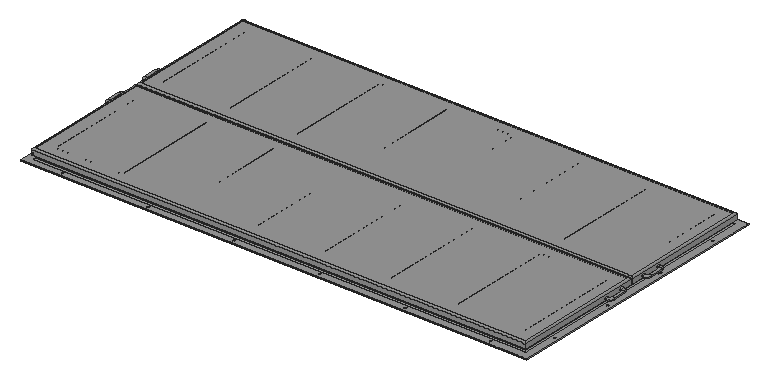
Revit family "gorter_OPD", category Generic Models, host Floor, Revit 2019
Family settings
  Host = Floor
  Can host rebar = No
  Round Connector Dimension = Use Diameter
  Part Type = Normal
  Always vertical = Yes
  Cut with Voids When Loaded = No
  Shared = Yes
  Room Calculation Point = No
Parameters (values of type "OPD-1640-3110")
  vloerluik = geanodiseerd aluminium
  hoogte onder level = 0 mm
  hoogte boven level = 0 mm
  URL = "https://www.gortergroup.com/nl/producten/vloerluiken.html"
  Model = "OPD"
  C = 400 mm
  Bevestiging = "Frame gelaste ankers"
  Belastbaarheid = ""
  B = 1640 mm  # constant formula
  A = 3110 mm  # constant formula
Reference planes
  plane 1 "Center (Front/Back)": y = 0
  plane 2: z = 0
  plane 3 "Center (Left/Right)": x = 0
  plane 4: y = 820
  plane 5: y = -820
  plane 6: x = -1555
  plane 7: x = 1555
  plane 8: z = -400
  plane 9: x = -1615
  plane 10: y = 880
  plane 11: x = 1615
  plane 12: y = -880
  plane 13: x = 1542.5
  plane 14: z = -75
  plane 15: x = 1503
  plane 16: x = -1503
  plane 17: x = 1415
  plane 18: x = -1415
  plane 19: y = -756.5
  plane 20: y = 756.5
  plane 21: x = -1575
  plane 22: x = 1575
  plane 23: y = 840
  plane 24: y = -840
  plane 25: z = 64
  plane 26: z = 45.642
  plane 27: y = -91
  plane 28: y = 91
  plane 29: x = -1064.286
  plane 30: x = -638.571
  plane 31: x = -212.857
  plane 32: x = 212.857
  plane 33: x = 638.571
  plane 34: x = 1064.286
  plane 35: x = -1064.286
  plane 36: x = -638.571
  plane 37: x = -212.857
  plane 38: x = 212.857
  plane 39: x = 638.571
  plane 40: x = 1064.286
  plane 41: y = 7.5
  plane 42: y = -7.5
  plane 43: y = -756.5
  plane 44: y = 768
  plane 45: y = -768
  plane 46: x = -1490
  plane 47: x = -1490
  plane 48: x = 1490
  plane 49: x = 1490
  plane 50: x = 1487.5
  plane 51: x = -1487.5
  plane 52: x = -1490
  plane 53: x = 1490
  plane 54: x = -1492.5
  plane 55: x = 1492.5
  plane 56 "ok. vloerluik": z = 0
  plane 57 "bk. vloerluik": z = 69
  plane 58: y = 630
  plane 59: y = -630
  plane 60: x = -1590
  plane 61: z = 5
  plane 62: y = 630
  plane 63: y = 210
  plane 64: y = -210
  plane 65: y = -630
  plane 66: x = 1590
  plane 67: y = 630
  plane 68: y = 210
  plane 69: y = -210
  plane 70: y = -630
  plane 71: y = -855
  plane 72: x = -1365
  plane 73: x = -273
  plane 74: x = 819
  plane 75: x = 1365
  plane 76: x = 1365
  plane 77: x = -1365
  plane 78: x = -819
  plane 79: x = 273
  plane 80: y = 855
  plane 81: x = -1365
  plane 82: x = -273
  plane 83: x = 819
  plane 84: x = 1365
  plane 85: x = -819
  plane 86: x = 273
  plane 87 "hart handgreep": z = 44
  plane 88 "Center L/V": z = 0
Forms (mm)
  Extrusion 1, void
    sketch origin (0, 0, 0) x (1, 0, 0) y (0, 1, 0)
      loop
        line (-1555, 820) -> (-1555, -820) -> (1555, -820) -> (1555, 820) -> (-1555, 820)
    from -400 to 0
  Sweep 2, solid, material "geanodiseerd aluminium" <- "vloerluik"
    path origin (0, 0, 0) x (0, -1, 0) y (1, 0, 0)
      loop
        line (-820, -1555) -> (820, -1555) -> (820, 1555) -> (-820, 1555) -> (-820, -1555)
    profile "randprofiel : randprofiel" origin (-1555, 0, 0) x (-1, 0, 0) y (0, 0, 1)
      loop
        line (60, 5) -> (12, 5)
        arc (12, 5) -> (7.05, 7.05) -> (5, 12) r 7
        line (5, 12) -> (5, 60) -> (0, 60) -> (0, 12)
        arc (0, 12) -> (3.515, 3.515) -> (12, 0) r 12
        line (12, 0) -> (60, 0) -> (60, 5)
  Sweep 3, void
    path origin (0, 0, 0) x (1, 0, 0) y (0, 1, 0)
      loop
        line (-1555, 820) -> (-1555, -820) -> (1555, -820) -> (1555, 820) -> (-1555, 820)
    profile origin (-1555, 0, 0) x (-1, 0, 0) y (0, 0, 1)
      loop
        line (0, 69) -> (0, 0) -> (60, 0) -> (60, 69) -> (0, 69)
  Sweep 4, solid, material "geanodiseerd aluminium" <- "vloerluik"
    path origin (0, 0, 0) x (0, -1, 0) y (1, 0, 0)
      loop
        line (-756.5, -1491.5) -> (-91, -1491.5) -> (-91, 1491.5) -> (-756.5, 1491.5) -> (-756.5, -1491.5)
    profile "binnenprofiel : binnenprofiel" origin (-1491.5, 423.75, 0) x (-1, 0, 0) y (0, 0, 1)
      loop
        line (0, 64) -> (73.5, 64)
        arc (73.5, 64) -> (77.036, 62.536) -> (78.5, 59) r 5
        line (78.5, 59) -> (78.5, 29) -> (83.5, 29) -> (83.5, 59)
        arc (83.5, 59) -> (80.571, 66.071) -> (73.5, 69) r 10
        line (73.5, 69) -> (0, 69) -> (0, 64)
  Extrusion 5, solid, material "geanodiseerd aluminium" <- "vloerluik"
    sketch origin (-2542.234, 820, 4100) x (-1, 0, 0) y (0, 0, 1)
      loop
        line (-1039.234, -4036) -> (-1039.234, -4031) -> (-4045.234, -4031) -> (-4045.234, -4036) -> (-1039.234, -4036)
    from -52 to -729
  Sweep 6, solid, material "geanodiseerd aluminium" <- "vloerluik"
    path origin (0, 0, 0) x (0, -1, 0) y (1, 0, 0)
      loop
        line (756.5, -1491.5) -> (756.5, 1491.5) -> (91, 1491.5) -> (91, -1491.5) -> (756.5, -1491.5)
    profile "binnenprofiel : binnenprofiel" origin (-1491.5, -423.75, 0) x (1, 0, 0) y (0, 0, 1)
      loop
        line (0, 64) -> (0, 69) -> (-73.5, 69)
        arc (-73.5, 69) -> (-80.571, 66.071) -> (-83.5, 59) r 10
        line (-83.5, 59) -> (-83.5, 29) -> (-78.5, 29) -> (-78.5, 59)
        arc (-78.5, 59) -> (-77.036, 62.536) -> (-73.5, 64) r 5
        line (-73.5, 64) -> (0, 64)
  Extrusion 7, solid, material "geanodiseerd aluminium" <- "vloerluik"
    sketch origin (-2542.234, -750, 4015) x (-1, 0, 0) y (0, 0, -1)
      loop
        line (-1039.234, 3951) -> (-4045.234, 3951) -> (-4045.234, 3946) -> (-1039.234, 3946) -> (-1039.234, 3951)
    from 6.5 to -659
  Sweep 8, solid, material "geanodiseerd aluminium" <- "vloerluik"
    path origin (0, 0, 0) x (0, -1, 0) y (1, 0, 0)
      loop
        line (0, -1555) -> (0, 1555)
    profile origin (0, 0, 0) x (0, 1, 0) y (0, 0, 1)
      loop
        line (-30, 60) -> (-35, 60) -> (-35, 30)
        arc (-35, 30) -> (-32.071, 22.929) -> (-25, 20) r 10
        line (-25, 20) -> (25, 20)
        arc (25, 20) -> (32.071, 22.929) -> (35, 30) r 10
        line (35, 30) -> (35, 60) -> (30, 60) -> (30, 30)
        arc (30, 30) -> (28.536, 26.464) -> (25, 25) r 5
        line (25, 25) -> (-25, 25)
        arc (-25, 25) -> (-28.536, 26.464) -> (-30, 30) r 5
        line (-30, 30) -> (-30, 60)
  Extrusion 9, solid, material "geanodiseerd aluminium" <- "vloerluik"
    sketch origin (960, -87, -1.2) x (-1, 0, 0) y (0, 0, -1)
      loop
        line (2026.786, -46.842) -> (2021.786, -46.842) -> (2021.786, -65.2) -> (2026.786, -65.2) -> (2026.786, -46.842)
      loop
        line (1601.071, -46.842) -> (1596.071, -46.842) -> (1596.071, -65.2) -> (1601.071, -65.2) -> (1601.071, -46.842)
      loop
        line (1175.357, -46.842) -> (1170.357, -46.842) -> (1170.357, -65.2) -> (1175.357, -65.2) -> (1175.357, -46.842)
      loop
        line (749.643, -46.842) -> (744.643, -46.842) -> (744.643, -65.2) -> (749.643, -65.2) -> (749.643, -46.842)
      loop
        line (323.929, -46.842) -> (318.929, -46.842) -> (318.929, -65.2) -> (323.929, -65.2) -> (323.929, -46.842)
      loop
        line (-101.786, -46.842) -> (-106.786, -46.842) -> (-106.786, -65.2) -> (-101.786, -65.2) -> (-101.786, -46.842)
      loop
        line (2452.5, -46.842) -> (2447.5, -46.842) -> (2447.5, -65.2) -> (2452.5, -65.2) -> (2452.5, -46.842)
      loop
        line (-527.5, -46.842) -> (-532.5, -46.842) -> (-532.5, -65.2) -> (-527.5, -65.2) -> (-527.5, -46.842)
    from 4 to 669.5
  Extrusion 10, solid, material "geanodiseerd aluminium" <- "vloerluik"
    sketch origin (960, 87, -1.2) x (-1, 0, 0) y (0, 0, 1)
      loop
        line (2026.786, 46.842) -> (2026.786, 65.2) -> (2021.786, 65.2) -> (2021.786, 46.842) -> (2026.786, 46.842)
      loop
        line (1601.071, 46.842) -> (1601.071, 65.2) -> (1596.071, 65.2) -> (1596.071, 46.842) -> (1601.071, 46.842)
      loop
        line (1175.357, 46.842) -> (1175.357, 65.2) -> (1170.357, 65.2) -> (1170.357, 46.842) -> (1175.357, 46.842)
      loop
        line (749.643, 46.842) -> (749.643, 65.2) -> (744.643, 65.2) -> (744.643, 46.842) -> (749.643, 46.842)
      loop
        line (323.929, 46.842) -> (323.929, 65.2) -> (318.929, 65.2) -> (318.929, 46.842) -> (323.929, 46.842)
      loop
        line (-101.786, 46.842) -> (-101.786, 65.2) -> (-106.786, 65.2) -> (-106.786, 46.842) -> (-101.786, 46.842)
      loop
        line (2452.5, 46.842) -> (2452.5, 65.2) -> (2447.5, 65.2) -> (2447.5, 46.842) -> (2452.5, 46.842)
      loop
        line (-527.5, 46.842) -> (-527.5, 65.2) -> (-532.5, 65.2) -> (-532.5, 46.842) -> (-527.5, 46.842)
    from 4 to 669.5
  Sweep 11, solid, material "geanodiseerd aluminium" <- "vloerluik"
    path origin (0, 0, 0) x (0, -1, 0) y (1, 0, 0)
      loop
        line (0, -1555) -> (0, 1555)
    profile origin (0, 0, 0) x (0, 1, 0) y (0, 0, 1)
      loop
        line (-20, 20) -> (-25, 20) -> (-25, -30) -> (25, -30) -> (25, 20) -> (20, 20) -> (20, -25) -> (-20, -25) -> (-20, 20)
  Extrusion 12, solid, material "geanodiseerd aluminium" <- "vloerluik"
    sketch origin (-661.643, 87, -69) x (0, 0, 1) y (0, -1, 0)
      loop
        line (114.642, -4) -> (133, -4) -> (133, 1) -> (114.642, 1) -> (114.642, -4)
      loop
        line (114.642, 178) -> (114.642, 173) -> (133, 173) -> (133, 178) -> (114.642, 178)
      loop
        line (114.642, 848.5) -> (114.642, 843.5) -> (133, 843.5) -> (133, 848.5) -> (114.642, 848.5)
      loop
        line (114.642, -674.5) -> (133, -674.5) -> (133, -669.5) -> (114.642, -669.5) -> (114.642, -674.5)
    from -830.857 to 2154.143
  Extrusion 13, void
    sketch origin (0, 0, 0) x (1, 0, 0) y (0, 1, 0)
      loop
        circle (-1590, 630) r 6
      loop
        circle (-1590, -630) r 6
      loop
        circle (-1590, 210) r 6
      loop
        circle (-1590, -210) r 6
      loop
        circle (1590, 630) r 6
      loop
        circle (1590, -630) r 6
      loop
        circle (1590, 210) r 6
      loop
        circle (1590, -210) r 6
      loop
        circle (-1365, -855) r 6
      loop
        circle (1365, -855) r 6
      loop
        circle (-273, -855) r 6
      loop
        circle (819, -855) r 6
      loop
        circle (-819, -855) r 6
      loop
        circle (273, -855) r 6
      loop
        circle (-1365, 855) r 6
      loop
        circle (1365, 855) r 6
      loop
        circle (-273, 855) r 6
      loop
        circle (819, 855) r 6
      loop
        circle (-819, 855) r 6
      loop
        circle (273, 855) r 6
    from 0 to 5
  Sweep 14, solid, material "geanodiseerd aluminium" <- "vloerluik"
    path origin (0, 55.751, 44) x (0, -1, 0) y (1, 0, 0)
      loop
        line (143.251, -1575) -> (143.251, -1591.5)
        arc (143.251, -1591.5) -> (148.084, -1603.167) -> (159.751, -1608) r 16.5
        line (159.751, -1608) -> (246.751, -1608)
        arc (246.751, -1608) -> (258.419, -1603.167) -> (263.251, -1591.5) r 16.5
        line (263.251, -1591.5) -> (263.251, -1575)
    profile origin (-1583.25, -87.5, 44) x (0, -1, 0) y (0, 0, 1)
      loop
        circle (0, 0) r 7
  Sweep 15, solid, material "geanodiseerd aluminium" <- "vloerluik"
    path origin (0, -55.751, 44) x (0, 1, 0) y (1, 0, 0)
      loop
        line (143.251, -1575) -> (143.251, -1591.5)
        arc (143.251, -1591.5) -> (148.084, -1603.167) -> (159.751, -1608) r 16.5
        line (159.751, -1608) -> (246.751, -1608)
        arc (246.751, -1608) -> (258.419, -1603.167) -> (263.251, -1591.5) r 16.5
        line (263.251, -1591.5) -> (263.251, -1575)
    profile origin (-1583.25, 87.5, 44) x (0, -1, 0) y (0, 0, 1)
      loop
        circle (0, 0) r 7
  Sweep 16, solid, material "geanodiseerd aluminium" <- "vloerluik"
    path origin (0, 55.751, 44) x (0, -1, 0) y (-1, 0, 0)
      loop
        line (143.251, -1575) -> (143.251, -1591.5)
        arc (143.251, -1591.5) -> (148.084, -1603.167) -> (159.751, -1608) r 16.5
        line (159.751, -1608) -> (246.751, -1608)
        arc (246.751, -1608) -> (258.419, -1603.167) -> (263.251, -1591.5) r 16.5
        line (263.251, -1591.5) -> (263.251, -1575)
    profile origin (1583.25, -87.5, 44) x (0, 1, 0) y (0, 0, 1)
      loop
        circle (0, 0) r 7
  Sweep 17, solid, material "geanodiseerd aluminium" <- "vloerluik"
    path origin (0, -55.751, 44) x (0, 1, 0) y (-1, 0, 0)
      loop
        line (143.251, -1575) -> (143.251, -1591.5)
        arc (143.251, -1591.5) -> (148.084, -1603.167) -> (159.751, -1608) r 16.5
        line (159.751, -1608) -> (246.751, -1608)
        arc (246.751, -1608) -> (258.419, -1603.167) -> (263.251, -1591.5) r 16.5
        line (263.251, -1591.5) -> (263.251, -1575)
    profile origin (1583.25, 87.5, 44) x (0, 1, 0) y (0, 0, 1)
      loop
        circle (0, 0) r 7
Cuts and joins
  Extrusion 13 cuts Sweep 2
  Extrusion 13 cuts Sweep 8
  joined: Sweep 2, Sweep 8
  Extrusion 13 cuts Sweep 4
  Extrusion 13 cuts Extrusion 5
  joined: Sweep 4, Extrusion 5
  joined: Sweep 6, Extrusion 7
  joined: Extrusion 9, Extrusion 10, Extrusion 12
Lines and regions (mm)
  model lines, style "draairichting"
    curve 1: line (-1575, 840, 69) -> (0, 7.5, 69)
    curve 2: line (0, 7.5, 69) -> (1575, 840, 69)
    curve 3: line (-1575, -840, 69) -> (0, -7.5, 69)
    curve 4: line (0, -7.5, 69) -> (1575, -840, 69)
Dimensions and locks
  equal spacing: plane 6, plane 3 "Center (Left/Right)", plane 7
  "A": plane 6 to plane 7
  equal spacing: plane 5, plane 1 "Center (Front/Back)", plane 4
  "B": plane 5 to plane 4
  "C": level to plane 8
  locked: plane 12 to plane 5 at 60
  locked: plane 9 to plane 6 at 60
  locked: plane 7 to plane 11 at 60
  locked: plane 10 to plane 4 at 60
  locked: plane 13 to plane 11 at 72.5
  locked: plane 6 to Sweep 4 sketch curve at 63.5
  locked: Sweep 4 sketch curve to plane 7 at 63.5
  locked: level to plane 14 at 75
  locked: plane 7 to plane 15 at 52
  locked: plane 16 to plane 6 at 52
  locked: plane 17 to plane 11 at 200
  locked: plane 9 to plane 18 at 200
  plane 5 to plane 4 = 1640 mm
  plane 11 to plane 9 = 3230 mm
  plane 12 to plane 10 = 1760 mm
  locked: Sweep 4 sketch curve to plane 4 at 63.5
  locked: Sweep 6 sketch curve to plane 7 at 63.5
  plane 6 to Sweep 6 sketch curve = 63.5 mm
  locked: plane 5 to Sweep 6 sketch curve at 63.5
  plane 7 to plane 6 = 3110 mm
  plane 20 to plane 4 = 63.5 mm
  Extrusion 9 sketch curve to plane 29 to Extrusion 9 sketch curve = 2.5 mm locked, 2.5 mm locked
  Extrusion 9 sketch curve to plane 30 to Extrusion 9 sketch curve = 2.5 mm locked, 2.5 mm locked
  Extrusion 9 sketch curve to plane 31 to Extrusion 9 sketch curve = 2.5 mm locked, 2.5 mm locked
  Extrusion 9 sketch curve to plane 32 to Extrusion 9 sketch curve = 2.5 mm locked, 2.5 mm locked
  Extrusion 9 sketch curve to plane 33 to Extrusion 9 sketch curve = 2.5 mm locked, 2.5 mm locked
  Extrusion 9 sketch curve to plane 34 to Extrusion 9 sketch curve = 2.5 mm locked, 2.5 mm locked
  equal spacing: plane 46, plane 29, plane 30, plane 31, plane 32, plane 33, plane 34, plane 48
  Extrusion 10 sketch curve to plane 35 to Extrusion 10 sketch curve = 2.5 mm locked, 2.5 mm locked
  Extrusion 10 sketch curve to plane 36 to Extrusion 10 sketch curve = 2.5 mm locked, 2.5 mm locked
  Extrusion 10 sketch curve to plane 37 to Extrusion 10 sketch curve = 2.5 mm locked, 2.5 mm locked
  Extrusion 10 sketch curve to plane 38 to Extrusion 10 sketch curve = 2.5 mm locked, 2.5 mm locked
  Extrusion 10 sketch curve to plane 39 to Extrusion 10 sketch curve = 2.5 mm locked, 2.5 mm locked
  Extrusion 10 sketch curve to plane 40 to Extrusion 10 sketch curve = 2.5 mm locked, 2.5 mm locked
  equal spacing: plane 46, plane 35, plane 36, plane 37, plane 38, plane 39, plane 40, plane 48
  locked: plane 6 to Sweep 3 sketch curve at 60
  Sweep 8 sketch curve to Sweep 8 sketch curve = 40 mm
  locked: Sweep 11 sketch curve to Sweep 11 sketch curve at 50
  Sweep 11 sketch curve to plane 25 = 94 mm
  plane 42 to plane 1 "Center (Front/Back)" to plane 41 = 7.5 mm locked, 7.5 mm locked
  locked: Extrusion 12 sketch curve to plane 28 at 5
  plane 27 to plane 1 "Center (Front/Back)" to plane 28 = 91 mm locked, 91 mm locked
  locked: plane 27 to Extrusion 12 sketch curve at 5
  locked: plane 22 to plane 11 at 40
  locked: plane 9 to plane 21 at 40
  locked: plane 10 to plane 23 at 40
  locked: plane 24 to plane 12 at 40
  locked: Sweep 6 sketch curve to plane 1 "Center (Front/Back)" at 91
  locked: Sweep 4 sketch curve to plane 1 "Center (Front/Back)" at 91
  locked: plane 5 to plane 43 at 63.5
  locked: Extrusion 12 sketch curve to plane 43 at 5
  locked: plane 20 to Extrusion 12 sketch curve at 5
  locked: plane 44 to plane 4 at 52
  locked: plane 5 to plane 45 at 52
  plane 51 to plane 46 to plane 54 to plane 6 = 2.5 mm locked, 2.5 mm locked, 62.5 mm
  Extrusion 9 sketch curve to plane 47 to Extrusion 9 sketch curve = 2.5 mm locked, 2.5 mm locked
  locked: plane 7 to plane 48 at 65
  Extrusion 9 sketch curve to plane 49 to Extrusion 9 sketch curve = 2.5 mm locked, 2.5 mm locked
  plane 55 to plane 48 to plane 50 = 2.5 mm locked, 2.5 mm locked
  Extrusion 10 sketch curve to plane 52 to Extrusion 10 sketch curve = 2.5 mm locked, 2.5 mm locked
  Extrusion 10 sketch curve to plane 53 to Extrusion 10 sketch curve = 2.5 mm locked, 2.5 mm locked
  locked: Extrusion 7 sketch curve to Extrusion 7 sketch curve at 5
  locked: plane 57 "bk. vloerluik" to Extrusion 5 sketch curve at 5
  locked: plane 57 "bk. vloerluik" to plane 25 at 5
  locked: Sweep 8 sketch curve to plane 57 "bk. vloerluik" at 9
  locked: plane 57 "bk. vloerluik" to plane 56 "ok. vloerluik" at 69
  "hoogte boven level": plane 56 "ok. vloerluik" to plane 88 "Center L/V"
  plane 57 "bk. vloerluik" to plane 56 "ok. vloerluik" = 69 mm
  locked: plane 10 to plane 58 at 250
  locked: plane 12 to plane 59 at 250
  locked: plane 9 to plane 60 at 25
  locked: plane 61 to plane 56 "ok. vloerluik" at 5
  Extrusion 13 sketch curve to plane 64 to Extrusion 13 sketch curve = 6 mm locked, 6 mm locked
  Extrusion 13 sketch curve to plane 63 to Extrusion 13 sketch curve = 6 mm locked, 6 mm locked
  equal spacing: plane 65, plane 64, plane 63, plane 62
  Extrusion 13 sketch curve to plane 69 to Extrusion 13 sketch curve = 6 mm locked, 6 mm locked
  Extrusion 13 sketch curve to plane 68 to Extrusion 13 sketch curve = 6 mm locked, 6 mm locked
  equal spacing: plane 70, plane 69, plane 68, plane 67
  locked: plane 66 to plane 11 at 25
  Extrusion 13 sketch curve to plane 74 to Extrusion 13 sketch curve = 6 mm locked, 6 mm locked
  Extrusion 13 sketch curve to plane 73 to Extrusion 13 sketch curve = 6 mm locked, 6 mm locked
  equal spacing: plane 75, plane 74, plane 79, plane 73, plane 78, plane 72
  locked: plane 76 to plane 11 at 250
  locked: plane 9 to plane 77 at 250
  Extrusion 13 sketch curve to plane 78 to Extrusion 13 sketch curve = 6 mm locked, 6 mm locked
  Extrusion 13 sketch curve to plane 79 to Extrusion 13 sketch curve = 6 mm locked, 6 mm locked
  Extrusion 13 sketch curve to plane 83 to Extrusion 13 sketch curve = 6 mm locked, 6 mm locked
  Extrusion 13 sketch curve to plane 82 to Extrusion 13 sketch curve = 6 mm locked, 6 mm locked
  equal spacing: plane 84, plane 83, plane 86, plane 82, plane 85, plane 81
  Extrusion 13 sketch curve to plane 85 to Extrusion 13 sketch curve = 6 mm locked, 6 mm locked
  Extrusion 13 sketch curve to plane 86 to Extrusion 13 sketch curve = 6 mm locked, 6 mm locked
  locked: plane 80 to plane 10 at 25
  locked: plane 71 to plane 12 at 25
  locked: plane 57 "bk. vloerluik" to plane 26 at 23.358
  Sweep 14 sketch curve to profile plane to Sweep 14 sketch curve = 7 mm locked, 7 mm locked
  locked: plane 57 "bk. vloerluik" to plane 87 "hart handgreep" at 25
  Sweep 14 sketch curve to Sweep 14 sketch curve to plane 1 "Center (Front/Back)" = 120 mm locked, 87.5 mm locked
  Sweep 15 sketch curve to profile plane to Sweep 15 sketch curve = 7 mm locked, 7 mm locked
  Sweep 15 sketch curve to Sweep 15 sketch curve to plane 1 "Center (Front/Back)" = 120 mm locked, 87.5 mm locked
  Sweep 16 sketch curve to profile plane to Sweep 16 sketch curve = 7 mm locked, 7 mm locked
  Sweep 16 sketch curve to Sweep 16 sketch curve to plane 1 "Center (Front/Back)" = 120 mm locked, 87.5 mm locked
  Sweep 17 sketch curve to profile plane to Sweep 17 sketch curve = 7 mm locked, 7 mm locked
  Sweep 17 sketch curve to Sweep 17 sketch curve to plane 1 "Center (Front/Back)" = 120 mm locked, 87.5 mm locked
  "hoogte onder level": level to plane 88 "Center L/V"
  aligned and locked: level to plane 2
  aligned and locked: Extrusion 1 to plane 8
  aligned and locked: level to Extrusion 1
  aligned and locked: Sweep 2 sketch curve to plane 4
  aligned and locked: plane 6 to Sweep 2 sketch curve
  aligned and locked: Sweep 2 sketch curve to plane 5
  aligned and locked: Sweep 2 sketch curve to plane 7
  aligned and locked: plane 6 to Sweep 3 sketch curve  (x2)
  aligned and locked: plane 3 "Center (Left/Right)" to curve 4
  aligned and locked: plane 3 "Center (Left/Right)" to curve 1
  aligned and locked: plane 1 "Center (Front/Back)" to Sweep 8 sketch curve
  aligned and locked: plane 15 to Extrusion 7
  aligned and locked: Extrusion 7 to plane 16
  aligned and locked: Extrusion 5 to plane 16
  aligned and locked: plane 15 to cut or joined group of Sweep 4, Extrusion 5, Extrusion 13
  aligned and locked: Extrusion 9 sketch curve to plane 25  (x6)
  aligned and locked: plane 26 to Extrusion 9 sketch curve  (x6)
  aligned and locked: Extrusion 9 to plane 19
  aligned and locked: plane 27 to Extrusion 9
  aligned and locked: Extrusion 10 to plane 20
  aligned and locked: plane 28 to Extrusion 10
  aligned and locked: Extrusion 10 sketch curve to plane 25  (x6)
  aligned and locked: plane 26 to Extrusion 10 sketch curve  (x6)
  aligned and locked: plane 6 to Sweep 8 sketch curve
  aligned and locked: plane 7 to Sweep 8 sketch curve
  aligned and locked: plane 6 to Sweep 11 sketch curve
  aligned and locked: plane 7 to Sweep 11 sketch curve
  aligned and locked: plane 1 "Center (Front/Back)" to Sweep 11 sketch curve
  aligned and locked: plane 25 to Extrusion 12 sketch curve  (x2)
  aligned and locked: Extrusion 12 sketch curve to plane 26  (x2)
  aligned and locked: plane 28 to Extrusion 12 sketch curve
  aligned and locked: Extrusion 12 sketch curve to plane 27
  aligned and locked: Extrusion 12 sketch curve to plane 25  (x2)
  aligned and locked: plane 26 to Extrusion 12 sketch curve  (x2)
  aligned and locked: Extrusion 1 sketch curve to plane 4
  aligned and locked: Extrusion 1 sketch curve to plane 7
  aligned and locked: plane 6 to Extrusion 1 sketch curve
  aligned and locked: Extrusion 1 sketch curve to plane 5
  aligned and locked: plane 27 to cut or joined group of Sweep 6, Extrusion 7
  aligned and locked: Sweep 11 sketch curve to Sweep 11 sketch curve
  aligned and locked: plane 43 to Extrusion 12 sketch curve
  aligned and locked: plane 19 to plane 43
  aligned and locked: Extrusion 12 sketch curve to plane 20
  aligned and locked: cut or joined group of Sweep 4, Extrusion 5, Extrusion 13 to plane 44
  aligned and locked: Extrusion 7 to Sweep 6
  aligned and locked: plane 42 to curve 3
  aligned and locked: plane 41 to curve 2
  aligned and locked: plane 47 to plane 46
  aligned and locked: plane 48 to plane 49
  aligned and locked: plane 48 to plane 53
  aligned and locked: plane 52 to plane 46
  aligned and locked: Extrusion 12 to plane 54
  aligned and locked: Extrusion 12 to plane 55
  aligned and locked: plane 28 to cut or joined group of Sweep 4, Extrusion 5, Extrusion 13
  aligned and locked: plane 57 "bk. vloerluik" to Extrusion 7 sketch curve
  aligned and locked: plane 57 "bk. vloerluik" to Extrusion 5 sketch curve
  aligned and locked: Sweep 3 sketch curve to plane 57 "bk. vloerluik"
  aligned and locked: plane 56 "ok. vloerluik" to Sweep 3 sketch curve
  aligned and locked: Extrusion 13 to plane 61
  aligned and locked: Sweep 2 to Extrusion 13
  aligned and locked: plane 59 to plane 65
  aligned and locked: plane 62 to plane 58
  aligned and locked: plane 67 to plane 58
  aligned and locked: plane 59 to plane 70
  aligned and locked: plane 75 to plane 76
  aligned and locked: plane 77 to plane 72
  aligned and locked: plane 77 to plane 81
  aligned and locked: plane 84 to plane 76
  aligned and locked: Sweep 3 sketch curve to plane 5
  aligned and locked: Sweep 3 sketch curve to plane 7
  aligned and locked: Sweep 3 sketch curve to plane 4
  aligned and locked: plane 21 to Sweep 14
  aligned and locked: plane 21 to Sweep 15
  aligned and locked: Sweep 17 to plane 22
  aligned and locked: plane 22 to Sweep 16
Automatic sketch dimensions
  plane 15 to Extrusion 5 sketch curve = 0 mm
  plane 16 to Extrusion 5 sketch curve = 0 mm
  Extrusion 7 sketch curve to plane 15 = 0 mm
  Extrusion 7 sketch curve to plane 16 = 0 mm
  Sweep 8 sketch curve to Sweep 8 sketch curve = 0 mm  (x4)
  profile plane to Sweep 8 sketch curve = 35 mm
  Sweep 8 sketch curve to Sweep 8 sketch curve = 5 mm  (x3)
  Sweep 8 sketch curve to profile plane = 25 mm
  profile plane to Sweep 8 sketch curve = 30 mm
  Sweep 8 sketch curve to Sweep 8 sketch curve = 30 mm
  Extrusion 9 sketch curve to plane 25 = 0 mm  (x2)
  Extrusion 9 sketch curve to plane 26 = 0 mm  (x2)
  Extrusion 10 sketch curve to plane 26 = 0 mm  (x2)
  Extrusion 10 sketch curve to plane 25 = 0 mm  (x2)
  profile plane to Sweep 11 sketch curve = 25 mm
  Sweep 11 sketch curve to Sweep 11 sketch curve = 5 mm  (x3)
  Sweep 11 sketch curve to profile plane = 20 mm
  curve 2 to plane 22 = 0 mm
  curve 2 to plane 23 = 0 mm
  curve 1 to plane 21 = 0 mm
  curve 1 to plane 23 = 0 mm
  curve 4 to plane 22 = 0 mm
  plane 24 to curve 4 = 0 mm
  curve 3 to plane 21 = 0 mm
  plane 24 to curve 3 = 0 mm
  plane 59 to Extrusion 13 sketch curve = 0 mm  (x2)
  Extrusion 13 sketch curve to plane 60 = 0 mm  (x4)
  Extrusion 13 sketch curve to plane 58 = 0 mm  (x2)
  Extrusion 13 sketch curve to plane 71 = 0 mm  (x5)
  Extrusion 13 sketch curve to plane 72 = 0 mm  (x2)
  Extrusion 13 sketch curve to plane 75 = 0 mm  (x2)
  plane 71 to Extrusion 13 sketch curve = 0 mm
  Extrusion 13 sketch curve to plane 66 = 0 mm  (x4)
  plane 80 to Extrusion 13 sketch curve = 0 mm  (x5)
  Extrusion 13 sketch curve to plane 80 = 0 mm
  Sweep 14 sketch curve to plane 21 = 0 mm  (x2)
  plane 9 to Sweep 14 sketch curve = 7 mm
  Sweep 14 sketch curve to plane 27 = 13 mm
  Sweep 14 sketch curve to Sweep 14 sketch curve = 16.5 mm
  Sweep 14 sketch curve to profile plane = 0 mm
  Sweep 15 sketch curve to plane 21 = 0 mm  (x2)
  Sweep 15 sketch curve to plane 9 = 7 mm
  plane 28 to Sweep 15 sketch curve = 13 mm
  plane 21 to Sweep 15 sketch curve = 16.5 mm
  Sweep 15 sketch curve to profile plane = 0 mm
  Sweep 16 sketch curve to plane 22 = 0 mm  (x2)
  plane 11 to Sweep 16 sketch curve = 7 mm
  plane 27 to Sweep 16 sketch curve = 13 mm
  Sweep 16 sketch curve to plane 22 = 16.5 mm
  Sweep 16 sketch curve to profile plane = 0 mm
  plane 22 to Sweep 17 sketch curve = 0 mm  (x2)
  Sweep 17 sketch curve to plane 11 = 7 mm
  Sweep 17 sketch curve to plane 28 = 13 mm
  plane 22 to Sweep 17 sketch curve = 16.5 mm
  Sweep 17 sketch curve to profile plane = 0 mm
  radius of Extrusion 13 sketch curve = 6 mm  (x8)
